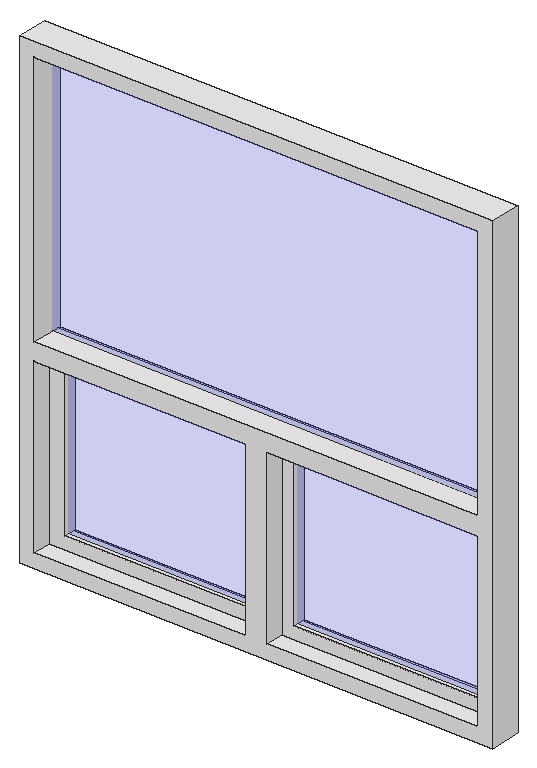
Revit family
Parameters (values of type "AW9-1")
  창 두께 = 100 mm
  창 패널 = AW9 창 패널
  창 프레임 = AW9 창 프레임
  Height = 1500 mm
  절반 창 두께 = 창 두께 / 2  # 50 mm
  기본 씰 높이 = 900 mm
  Wall Closure = (empty or 0)
  Width = 1500 mm
Types (3, lengths in mm): name | 창 두께 | 절반 창 두께 | 기본 씰 높이
  (no name) | 100 | 50 | 900
  AW9 | 150 | 75 | 1200
  AW9-1 | 100 | 50 | 900
Reference planes
  plane 1: y = 0
  plane 2 "중심(왼쪽/오른쪽)": x = 0
  plane 3 "왼쪽": x = -750
  plane 4 "오른쪽": x = 750
  plane 5 "씰": z = 900
  plane 6 "헤드": z = 2400
  plane 7 "외부": y = 100
  plane 8 "내부": y = -100
  plane 9: y = 50
  plane 10: y = -50
  plane 11: y = 10
  plane 12: x = -705
  plane 13: x = 705
  plane 14: x = -695
  plane 15: x = 695
  plane 16: z = 1500
  plane 17: z = 1490
  plane 18: z = 1545
  plane 19: y = 30
  plane 20: y = 41
  plane 21: y = 19
  plane 22: y = -11
  plane 23: y = 11
  plane 24: x = -22.5
  plane 25: x = 22.5
  plane 26: x = -32.5
  plane 27: x = 32.5
  plane 28: z = 2355
  plane 29: z = 945
  plane 30: x = 655
  plane 31: z = 1450
  plane 32: x = -655
  plane 33: z = 985
  plane 34: x = 72.5
  plane 35: x = -72.5
  plane 36: x = 368.75
  plane 37: x = -368.75
Forms (mm)
  Extrusion 1, solid, material "AW9 창 프레임" <- "창 프레임"
    sketch origin (-2000, 50, 1000) x (-1, 0, 0) y (0, 0, 1)
      loop
        line (-2750, 1400) -> (-2750, -100) -> (-1250, -100) -> (-1250, 1400) -> (-2750, 1400)
      loop
        line (-2705, 1355) -> (-2705, 545) -> (-1295, 545) -> (-1295, 1355) -> (-2705, 1355)
      loop
        line (-2705, -55) -> (-2032.5, -55) -> (-2032.5, 490) -> (-2705, 490) -> (-2705, -55)
      loop
        line (-1295, -55) -> (-1295, 490) -> (-1967.5, 490) -> (-1967.5, -55) -> (-1295, -55)
    from -100 to 0
  Extrusion 2, solid, material "AW9 창 프레임" <- "창 프레임"
    sketch origin (-2000, 50, 1000) x (-1, 0, 0) y (0, 0, 1)
      loop
        line (-2705, 490) -> (-2705, -55) -> (-2032.5, -55) -> (-2032.5, 490) -> (-2705, 490)
      loop
        line (-1967.5, 490) -> (-1967.5, -55) -> (-1295, -55) -> (-1295, 490) -> (-1967.5, 490)
      loop
        line (-2655, 450) -> (-2655, -15) -> (-2072.5, -15) -> (-2072.5, 450) -> (-2655, 450)
      loop
        line (-1927.5, 450) -> (-1927.5, -15) -> (-1345, -15) -> (-1345, 450) -> (-1927.5, 450)
    from -40 to 0
  Extrusion 3, solid, material "AW9 창 패널" <- "창 패널"
    sketch origin (-2000, 50, 1000) x (-1, 0, 0) y (0, 0, 1)
      loop
        line (-2705, 1355) -> (-2705, 545) -> (-1295, 545) -> (-1295, 1355) -> (-2705, 1355)
      loop
        line (-2655, 450) -> (-2655, -15) -> (-2072.5, -15) -> (-2072.5, 450) -> (-2655, 450)
      loop
        line (-1927.5, 450) -> (-1927.5, -15) -> (-1345, -15) -> (-1345, 450) -> (-1927.5, 450)
    from -31 to -9
Lines and regions (mm)
  Opening 1
    outline origin (3500, -100, 0) x (1, 0, 0) y (0, 0, 1)
      loop
        line (-2750, 900) -> (-2750, 2400) -> (-4250, 2400) -> (-4250, 900) -> (-2750, 900)
  symbolic lines, style "입면도 스윙"
    curve 1: line (368.75, 50, 1490) -> (705, 50, 945)
    curve 2: line (368.75, 50, 1490) -> (32.5, 50, 945)
    curve 3: line (-32.5, 50, 945) -> (-368.75, 50, 1490)
    curve 4: line (-368.75, 50, 1490) -> (-705, 50, 945)
  symbolic lines
    curve 5: line (-750, 50, 0) -> (750, 50, 0)
    curve 6: line (750, -50, 0) -> (-750, -50, 0)
    curve 7: line (750, 0, 0) -> (-750, 0, 0)
    curve 8: line (-750, 100, 0) -> (-750, -100, 0)
    curve 9: line (750, 100, 0) -> (750, -100, 0)
Text (mm)
  text "외부" at (-1963.203, 1332.353, 0), in view "참조 레벨"
  text "내부" at (-1981.466, -818.386, 0), in view "참조 레벨"
  text "외부" at (0, 923.751, 2943.296), in view "오른쪽"
  text "외부" at (0, 1040.484, 2685.409), in view "왼쪽"
Dimensions and locks
  equal spacing: plane 3 "왼쪽", plane 2 "중심(왼쪽/오른쪽)", plane 4 "오른쪽"
  "Width": plane 3 "왼쪽" to plane 4 "오른쪽"
  "Height": plane 5 "씰" to plane 6 "헤드"
  locked: plane 7 "외부" to host wall at 0
  locked: plane 8 "내부" to host wall
  plane 17 to plane 16 to plane 18 = 10 mm locked, 45 mm locked
  plane 9 to plane 19 to plane 11 = 20 mm locked, 20 mm locked
  plane 20 to plane 19 to plane 21 = 11 mm locked, 11 mm locked
  plane 23 to host wall to plane 22 = 11 mm locked, 11 mm locked
  plane 3 "왼쪽" to plane 12 to plane 14 = 45 mm locked, 10 mm locked
  plane 15 to plane 13 to plane 4 "오른쪽" = 10 mm locked, 45 mm locked
  plane 24 to plane 2 "중심(왼쪽/오른쪽)" to plane 25 = 22.5 mm locked, 22.5 mm locked
  locked: plane 26 to plane 24 at 10
  locked: plane 25 to plane 27 at 10
  locked: plane 5 "씰" to plane 16 at 600
  "절반 창 두께": plane 9 to plane 1
  "절반 창 두께": plane 10 to plane 1
  "기본 씰 높이": level to plane 5 "씰"
  locked: plane 28 to plane 6 "헤드" at 45
  locked: plane 5 "씰" to plane 29 at 45
  locked: plane 30 to plane 15 at 40
  locked: plane 31 to plane 17 at 40
  locked: plane 14 to plane 32 at 40
  locked: plane 29 to plane 33 at 40
  locked: plane 34 to plane 27 at 40
  locked: plane 26 to plane 35 at 40
  equal spacing: plane 27, plane 36, plane 13
  equal spacing: plane 26, plane 37, plane 12
  aligned and locked: plane 6 "헤드" to Extrusion 1 sketch curve
  aligned and locked: plane 4 "오른쪽" to Extrusion 1 sketch curve
  aligned and locked: Extrusion 1 sketch curve to plane 5 "씰"
  aligned and locked: Extrusion 1 sketch curve to plane 3 "왼쪽"
  aligned and locked: Extrusion 1 sketch curve to plane 28
  aligned and locked: plane 13 to Extrusion 1 sketch curve  (x2)
  aligned and locked: plane 29 to Extrusion 1 sketch curve  (x2)
  aligned and locked: Extrusion 1 sketch curve to plane 12
  aligned and locked: plane 18 to Extrusion 1 sketch curve
  aligned and locked: plane 12 to Extrusion 1 sketch curve
  aligned and locked: plane 17 to Extrusion 1 sketch curve  (x2)
  aligned and locked: plane 27 to Extrusion 1 sketch curve
  aligned and locked: plane 26 to Extrusion 1 sketch curve
  aligned and locked: Extrusion 1 to plane 10
  aligned and locked: plane 9 to Extrusion 1
  aligned and locked: plane 17 to Extrusion 2 sketch curve  (x2)
  aligned and locked: plane 13 to Extrusion 2 sketch curve
  aligned and locked: plane 29 to Extrusion 2 sketch curve  (x2)
  aligned and locked: plane 27 to Extrusion 2 sketch curve
  aligned and locked: Extrusion 2 sketch curve to plane 31  (x2)
  aligned and locked: plane 30 to Extrusion 2 sketch curve
  aligned and locked: plane 33 to Extrusion 2 sketch curve  (x2)
  aligned and locked: Extrusion 2 sketch curve to plane 34
  aligned and locked: Extrusion 2 sketch curve to plane 26
  aligned and locked: Extrusion 2 sketch curve to plane 12
  aligned and locked: plane 35 to Extrusion 2 sketch curve
  aligned and locked: Extrusion 2 sketch curve to plane 32
  aligned and locked: Extrusion 2 to plane 9
  aligned and locked: Extrusion 2 to plane 11
  aligned and locked: Extrusion 3 sketch curve to plane 28
  aligned and locked: plane 13 to Extrusion 3 sketch curve
  aligned and locked: Extrusion 3 sketch curve to plane 18
  aligned and locked: Extrusion 3 sketch curve to plane 12
  aligned and locked: Extrusion 3 sketch curve to plane 31  (x2)
  aligned and locked: plane 30 to Extrusion 3 sketch curve
  aligned and locked: plane 33 to Extrusion 3 sketch curve  (x2)
  aligned and locked: Extrusion 3 sketch curve to plane 34
  aligned and locked: plane 35 to Extrusion 3 sketch curve
  aligned and locked: Extrusion 3 sketch curve to plane 32
  aligned and locked: Extrusion 3 to plane 21
  aligned and locked: plane 20 to Extrusion 3
  aligned and locked: plane 36 to curve 1
  aligned and locked: plane 29 to curve 1
  aligned and locked: plane 13 to curve 1
  aligned and locked: plane 17 to curve 2
  aligned and locked: plane 27 to curve 2
  aligned and locked: plane 29 to curve 2
  aligned and locked: plane 17 to curve 3
  aligned and locked: plane 37 to curve 3
  aligned and locked: plane 29 to curve 3
  aligned and locked: plane 26 to curve 3
  aligned and locked: plane 29 to curve 4
  aligned and locked: plane 12 to curve 4
  aligned and locked: curve 5 to plane 9
  aligned and locked: curve 7 to host wall
  aligned and locked: plane 10 to curve 6
  aligned and locked: plane 3 "왼쪽" to curve 8
  aligned and locked: plane 4 "오른쪽" to curve 9
Automatic sketch dimensions
  Opening 1 sketch curve to plane 3 "왼쪽" = 0 mm
  Opening 1 sketch curve to plane 4 "오른쪽" = 0 mm
  Opening 1 sketch curve to plane 5 "씰" = 0 mm
  Opening 1 sketch curve to plane 6 "헤드" = 0 mm
  Extrusion 1 sketch curve to plane 17 = 0 mm
  Extrusion 1 sketch curve to plane 29 = 0 mm
  curve 9 to host wall = 0 mm  (x2)
  curve 8 to host wall = 0 mm  (x2)
